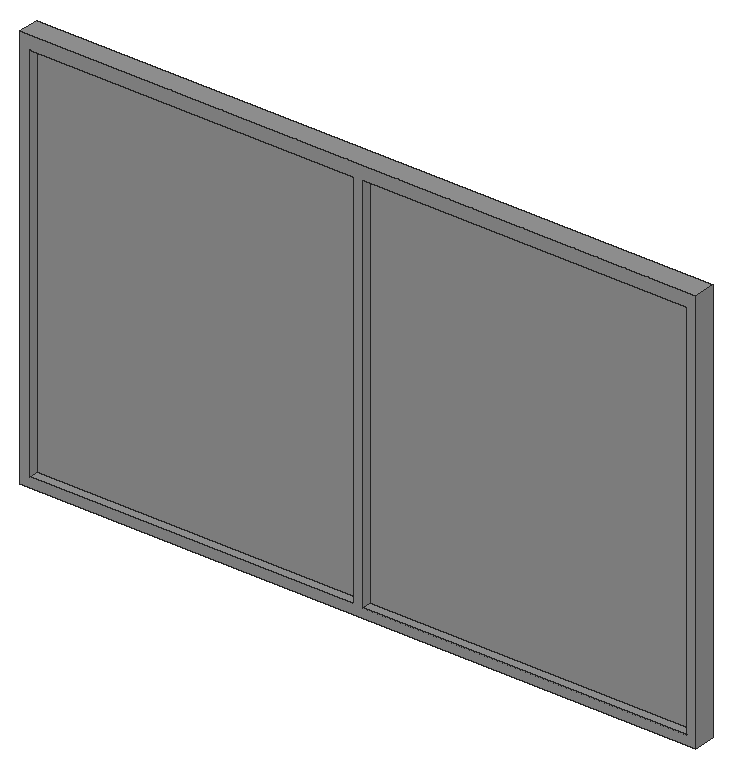
Revit family "Window W5 W6", category Windows, host Wall, Revit 2025
Family settings
  Host = Wall
  OmniClass Number = 23.30.20.00
  OmniClass Title = Windows
  Always vertical = Yes
  Cut with Voids When Loaded = No
  Shared = No
  Room Calculation Point = No
Parameters (values of type "W6")
  Window Width = 0.5"
  Rough Height = 126"
  Height = 83"
  Glass Material = Glass, Clear Glazing, Tempered
  Frame Width = 4.5"
  Frame Size = 2"
  Frame Material = Laminate, Black
  Define Thermal Properties by = Schematic Type
  Default Sill Height = 36"
  Wall Closure = By host
  Width = 146.5"
  Analytic Construction = "<None>"
Types (2): name | Width
  W6 | 146.5"
  W5 | 160"
Reference planes (in)
  plane 1 "Center (Front/Back)": y = 0
  plane 2: z = 0
  plane 3 "Center (Left/Right)": x = 0
  plane 4 "Sill": z = 24
  plane 5: y = 2.25
  plane 6: y = -2.25
  plane 7: y = 0.25
  plane 8: y = -0.25
Forms (in)
  Extrusion 1, solid, material "Laminate, Black" <- "Frame Material"
    sketch origin (0, 0, 0) x (1, 0, 0) y (0, 0, 1)
      loop
        line (73.25, 112) -> (-73.25, 112) -> (-73.25, 24) -> (73.25, 24) -> (73.25, 112)
      loop
        line (71.25, 109) -> (1, 109) -> (1, 26) -> (71.25, 26) -> (71.25, 109)
      loop
        line (-71.25, 109) -> (-71.25, 26) -> (-1, 26) -> (-1, 109) -> (-71.25, 109)
    from -2.25 to 2.25
  Extrusion 2, solid, material "Glass, Clear Glazing, Tempered" <- "Glass Material"
    sketch origin (0, 0, 0) x (1, 0, 0) y (0, 0, 1)
      loop
        line (-71.25, 109) -> (-71.25, 26) -> (-1, 26) -> (-1, 109) -> (-71.25, 109)
      loop
        line (1, 26) -> (71.25, 26) -> (71.25, 109) -> (1, 109) -> (1, 26)
    from -0.25 to 0.25
Lines and regions (in)
  Opening 1
    outline origin (-60, -7, 0) x (1, 0, 0) y (0, 0, 1)
      loop
        line (-13.25, 112) -> (-13.25, 24) -> (133.25, 24) -> (133.25, 112) -> (-13.25, 112)
Text (in)
  text "EXTERIOR" at (-58.6888, 50.90694, 0), in view "Ref. Level"
  text "INTERIOR" at (-58.6888, -37.76638, 0), in view "Ref. Level"
  text "Exterior" at (0, 43.65631, 123.19604), in view "Left"
  text "Exterior" at (0, 18.29385, 125.04747), in view "Right"
Dimensions and locks (in)
  equal spacing: Opening 1 sketch curve, plane 3 "Center (Left/Right)", Opening 1 sketch curve
  equal spacing: Extrusion 1 sketch curve, plane 3 "Center (Left/Right)", Extrusion 1 sketch curve  (x3)
  "Width": Extrusion 1 sketch curve to Extrusion 1 sketch curve
  equal spacing: host wall, plane 1 "Center (Front/Back)", host wall
  equal spacing: plane 6, plane 1 "Center (Front/Back)", plane 5
  "Frame Width": plane 5 to plane 6
  equal spacing: plane 7, plane 1 "Center (Front/Back)", plane 8
  "Window Width": plane 7 to plane 8
  "Frame Size": Extrusion 1 sketch curve to Extrusion 1 sketch curve  (x2)
  "Height": Extrusion 1 sketch curve to Extrusion 1 sketch curve
  aligned and locked: level to plane 2
  aligned and locked: Extrusion 1 sketch curve to Extrusion 1 sketch curve
  aligned and locked: Extrusion 1 to plane 6
  aligned and locked: plane 5 to Extrusion 1
  aligned and locked: Opening 1 sketch curve to Extrusion 1  (x2)
  aligned and locked: plane 7 to Extrusion 2
  aligned and locked: Extrusion 2 to plane 8
  aligned and locked: Extrusion 2 sketch curve to Extrusion 1  (x6)
  aligned and locked: Extrusion 1 sketch curve to plane 4 "Sill"
Automatic sketch dimensions
  Extrusion 2 sketch curve to plane 3 "Center (Left/Right)" = 1"
  plane 3 "Center (Left/Right)" to Extrusion 2 sketch curve = 1"
  Extrusion 1 sketch curve to Extrusion 1 sketch curve = 2"
  Extrusion 1 sketch curve to plane 4 "Sill" = 2"
  Extrusion 1 sketch curve to Extrusion 1 sketch curve = 3"
  Opening 1 sketch curve to plane 4 "Sill" = 88"
